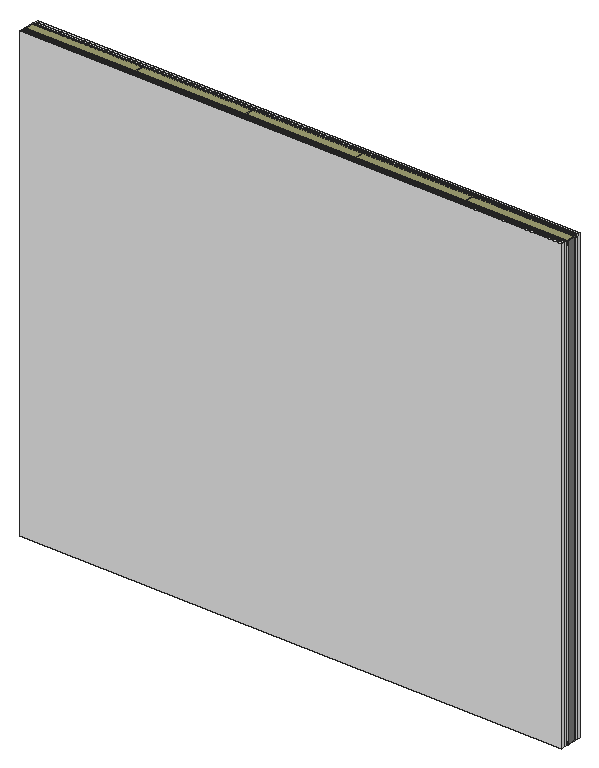
Revit family "Wall system Plasterboard - Rigislab (STC 60_Uvalue 0.48) - new", category Structural Stiffeners, Revit 2020
Family settings
  OmniClass Number = 23.25.30.11.27
  OmniClass Title = Vibration and Earthquake Controls
  Cut with Voids When Loaded = No
  Shared = No
Parameters (values of type "STC 45(Plasterboard)")
  U-Value (W/m2k) = "0.48"
  U Value Report = ""
  Type of Insulation = "Glass Mineral Wool Semi-rigid slab"
  Total System Thickness-mm = 102 mm
  Thermal R Value = 1.4
  Thermal K Value = 0.348
  System Description = "1. Gypsum Plasterboard-19mm\r\n2. Ecowool Rigislab 50mm x 20kg/m3\r\n3. Stud 64mm \r\n4. Gypsum Plasterboard-19mm"
  Sustainability - Same documentation for all selection = ""
  SubW [instance] = roundup([built-in parameter 1001306] / 609 mm) * 609 mm  # 3045 mm
  SubL [instance] = if([built-in parameter 1001306] > 1218 mm, No Insulation * 609 mm, if([built-in parameter 1001306] > 609 mm, 609 mm, if([built-in parameter 1001306] > 0 mm, 0 mm, No Insulation * 609 mm))) + 1 mm  # 2437 mm
  STC in dB = 60
  STC Report = ""
  STC No = "60"
  Remarks = "Recommended for drywall partition applications where some acoustic performance\r\nare required. Such as office & commercial environment"
  No Metal Stud [instance] = ([built-in parameter 1001306] / [Metal Stud Spacer (mm)])  # 5
  No Insulation [instance] = roundup(SubW / 609 mm) - 1  # 4
  Metal Stud Width = 64 mm
  Metal Stud Spacer (mm) = 609 mm
  Material Specification = "Ecowool Brownie RigiSlab"
  Manufacturer = "PGF Insulation Sdn. Bhd."
  MSDS = ""
  built-in parameter 1001306 [instance] = 3000 mm
  Insulation Length (mm) = 609 mm
  Insulation Thickness (mm) = 50 mm
  Installation and Workmanship- Same for all the system = ""
  Height Wall (mm) = 2500 mm
  Handling and Storage- Same for all system = ""
  Gypsum Thickness (mm) = 12 mm
  Finish = BROWNIE RigiSlab
  FAQ- Same for all System = ""
  ECOWOOL Product thickness in mm = "50"
  Description = "Ecowool Rigislab is semi-rigid or rigid slabs of non-combustible, water repellent, glass mineral wool. They are designed to suit standard dry wall, ensuring a closed joint with adjacent slabs."
  Density = 20.00 kg/m³
  Board Material = Plaster Board
  Board 2 = yes
  Board 1 = yes
  AutoCad Drawing = ""
Reference planes
  plane 1 "Center (Front/Back)": y = -12.5
  plane 2: z = 0
  plane 3 "Left": x = 0
  plane 4 "Right": x = 3000
  plane 5: z = 2500
  plane 6: x = 2437
  plane 7: x = 3046
Forms (mm)
  Extrusion 1, solid, material "BROWNIE RigiSlab" <- "Finish"
    sketch origin (0, 0, 0) x (1, 0, 0) y (0, 1, 0)
      loop
        line (2437, 12.5) -> (2437, -37.5) -> (3046, -37.5) -> (3046, 12.5) -> (2437, 12.5)
    from 0 to 2500
  Extrusion 2, void
    sketch origin (0, 0, 0) x (1, 0, 0) y (0, 1, 0)
      loop
        line (2999, 12.5) -> (2999, -37.5) -> (3046, -37.5) -> (3046, 12.5) -> (2999, 12.5)
    from -45.694 to 2779.923
Cuts and joins
  Extrusion 2 cuts Extrusion 1
Lines and regions (mm)
  reference lines
    curve 1: line (0, -12.5, 0) -> (3000, -12.5, 0)
Dimensions and locks
  "built-in parameter 1001306": plane 3 "Left" to plane 4 "Right"
  "Height Wall (mm)": plane 5 to level
  equal spacing: group 1, group 2, group 3, group 4, group 5  (x3)
  "Metal Stud Spacer (mm)": plane 3 "Left" to nested 2
  "SubL": plane 3 "Left" to plane 6
  locked: plane 6 to plane 7 at 609
  equal spacing: Extrusion 1 sketch curve, plane 1 "Center (Front/Back)", Extrusion 1 sketch curve
  "Insulation Thickness (mm)": Extrusion 1 sketch curve to Extrusion 1 sketch curve
  equal spacing: Extrusion 1, plane 1 "Center (Front/Back)", Extrusion 2 sketch curve
  "Insulation Thickness (mm)": Extrusion 2 sketch curve to Extrusion 2 sketch curve
  locked: Extrusion 2 sketch curve to plane 4 "Right" at 1
  plane 4 "Right" to plane 7 = 46 mm
  plane 6 to plane 4 "Right" = 563 mm
  equal spacing: group 6, group 7, group 8, group 9  (x3)
  Extrusion 2 sketch curve to Extrusion 2 sketch curve = 47 mm
  aligned and locked: plane 4 "Right" to curve 1
  aligned and locked: plane 1 "Center (Front/Back)" to curve 1
  aligned and locked: plane 3 "Left" to curve 1
  aligned and locked: plane 5 to nested 1
  aligned and locked: plane 3 "Left" to nested 5
  aligned and locked: nested 7 to plane 4 "Right"
  aligned and locked: plane 1 "Center (Front/Back)" to nested 1
  aligned and locked: plane 1 "Center (Front/Back)" to nested 5
  aligned and locked: nested 7 to plane 1 "Center (Front/Back)"
  aligned and locked: nested 1 to nested 9
  aligned and locked: plane 1 "Center (Front/Back)" to nested 9
  aligned and locked: plane 7 to Extrusion 1 sketch curve
  aligned and locked: Extrusion 1 sketch curve to plane 6
  aligned and locked: plane 5 to Extrusion 1
  aligned and locked: Extrusion 1 to level
Automatic sketch dimensions
  Extrusion 2 sketch curve to plane 7 = 0 mm
Nested families
  nested 1: "Metal Stud" at (0, -12.5, 0), type "Metal Stud"
    with Metal Stud Width 64 mm
  nested 2: "Metal Stud" at (609, -12.5, 0), type "Metal Stud"
    with Metal Stud Width 64 mm
  nested 3: "Metal Stud" at (1218, -12.5, 0), type "Metal Stud"
    with Metal Stud Width 64 mm
  nested 4: "Metal Stud" at (1827, -12.5, 0), type "Metal Stud"
    with Metal Stud Width 64 mm
  nested 5: "Metal Runner" at (0, -12.5, 0), type "Metal Runner"
    with Metal Runner Width 50 mm, Length Metal Runner 3000 mm
  nested 6: "Metal Runner" at (0, -12.5, 2500) x (1, 0, 0) z (0, 0, -1), type "Metal Runner"
    with Metal Runner Width 50 mm, Length Metal Runner 3000 mm
  nested 7: "Metal Stud" at (3000, -12.5, 0) x (-1, 0, 0) z (0, 0, 1), type "Metal Stud"
    with Metal Stud Width 64 mm
  nested 8: "Metal Stud" at (2436, -12.5, 0), type "Metal Stud"
    with Metal Stud Width 64 mm
  nested 9: "Insulation Brownie" at (1, -12.5, 0), type "Insulation Brownie"
    with Thickness Insulation 50 mm
  nested 10: "Insulation Brownie" at (610, -12.5, 0), type "Insulation Brownie"
    with Thickness Insulation 50 mm
  nested 11: "Insulation Brownie" at (1219, -12.5, 0), type "Insulation Brownie"
    with Thickness Insulation 50 mm
  nested 12: "Insulation Brownie" at (1828, -12.5, 0), type "Insulation Brownie"
    with Thickness Insulation 50 mm
  nested 13: "Gypsum Plasterboard" at (1, -12.5, 0), type "Gypsum Plasterboard"
    with built-in parameter 1001306 2999 mm
Definition of nested family "Metal Stud"
  Parameters (values of type "Metal Stud")
    Metal Stud Width = 50 mm
    Height = 2500 mm
  Reference planes
    plane 1 "Center (Front/Back)": y = 0
    plane 2: z = 0
    plane 3 "Center (Left/Right)": x = 0
    plane 4 "Center L/S": y = 25
    plane 5 "Center L/T": y = -25
    plane 6: z = 1
    plane 7: z = 2500
    plane 8: z = 2499
  Forms (mm)
    Extrusion 1, solid
      sketch origin (0, 0, 0) x (1, 0, 0) y (0, 1, 0)
        loop
          line (0, 25) -> (0, -25) -> (20, -25) -> (20, -24) -> (1, -24) -> (1, 24) -> (20, 24) -> (20, 25) -> (0, 25)
      from 1 to 2499
  Dimensions and locks
    Extrusion 1 sketch curve to Extrusion 1 sketch curve = 1 mm  (x3)
    locked: plane 8 to plane 7 at 1
    plane 1 "Center (Front/Back)" to Extrusion 1 = 25 mm
    "Height": plane 7 to level
    "Metal Stud Width": plane 5 "Center L/T" to plane 4 "Center L/S"
    equal spacing: plane 5 "Center L/T", plane 1 "Center (Front/Back)", plane 4 "Center L/S"
    locked: plane 6 to plane 2 at 1
    aligned and locked: plane 4 "Center L/S" to Extrusion 1
    aligned and locked: plane 5 "Center L/T" to Extrusion 1
    aligned and locked: plane 3 "Center (Left/Right)" to Extrusion 1
    aligned and locked: Extrusion 1 to plane 6
    aligned and locked: plane 8 to Extrusion 1
  Automatic sketch dimensions
    Extrusion 1 sketch curve to plane 3 "Center (Left/Right)" = 0 mm
    plane 4 "Center L/S" to Extrusion 1 sketch curve = 0 mm
    plane 5 "Center L/T" to Extrusion 1 sketch curve = 0 mm
    Extrusion 1 sketch curve to Extrusion 1 sketch curve = 19 mm  (x2)
Definition of nested family "Metal Runner"
  Parameters (values of type "Metal Runner")
    Metal Runner Width = 48 mm
    Length Metal Runner = 2460 mm
    Default Elevation = 1219.2 mm
  Reference planes
    plane 1 "Center (Front/Back)": y = 0
    plane 2: z = 0
    plane 3 "Center (Left/Right)": x = 0
    plane 4 "Center L/S": y = 24
    plane 5 "Center L/T": y = -24
  Forms (mm)
    Extrusion 1, solid
      sketch origin (0, 0, 0) x (0, 1, 0) y (0, 0, 1)
        loop
          line (24, 0) -> (24, 20) -> (23, 20) -> (23, 1) -> (-23, 1) -> (-23, 20) -> (-24, 20) -> (-24, 0) -> (24, 0)
      from 0 to 2460
  Dimensions and locks
    "Metal Runner Width": plane 5 "Center L/T" to plane 4 "Center L/S"
    equal spacing: plane 5 "Center L/T", plane 1 "Center (Front/Back)", plane 4 "Center L/S"
    Extrusion 1 sketch curve to Extrusion 1 sketch curve = 1 mm  (x3)
    "Length Metal Runner": Extrusion 1 to Extrusion 1
    aligned and locked: plane 4 "Center L/S" to Extrusion 1 sketch curve
    aligned and locked: Extrusion 1 sketch curve to level
    aligned and locked: plane 5 "Center L/T" to Extrusion 1 sketch curve
  Automatic sketch dimensions
    Extrusion 1 sketch curve to Extrusion 1 sketch curve = 19 mm  (x2)
Definition of nested family "Insulation Brownie"
  Parameters (values of type "Insulation Brownie")
    Thickness Insulation = 75 mm
    Length of Insulation = 609 mm
    Height of Insulation = 2500 mm
    Finish = none
  Reference planes
    plane 1 "Center (Front/Back)": y = 0
    plane 2: z = 0
    plane 3 "Center (Left/Right)": x = 0
    plane 4: z = 2500
    plane 5: y = 37.5
    plane 6: y = -37.5
  Forms (mm)
    Sweep 1, solid, material <- "Finish"
      path origin (0, 0, 0) x (1, 0, 0) y (0, 1, 0)
        loop
          line (0, 0) -> (609, 0)
      profile origin (304.5, 0, 0) x (0, 1, 0) y (0, 0, 1)
        loop
          line (37.5, 2500) -> (-37.5, 2500) -> (-37.5, 0) -> (37.5, 0) -> (37.5, 2500)
  Dimensions and locks
    "Length of Insulation": Sweep 1 sketch curve to Sweep 1 sketch curve
    "Height of Insulation": plane 4 to level
    equal spacing: plane 5, plane 1 "Center (Front/Back)", plane 6
    "Thickness Insulation": plane 5 to plane 6
    aligned and locked: plane 3 "Center (Left/Right)" to Sweep 1 sketch curve
    aligned and locked: plane 5 to Sweep 1 sketch curve
    aligned and locked: Sweep 1 sketch curve to plane 6
  Automatic sketch dimensions
    plane 1 "Center (Front/Back)" to Sweep 1 sketch curve = 0 mm
    Sweep 1 sketch curve to level = 0 mm
    Sweep 1 sketch curve to plane 4 = 0 mm
Definition of nested family "Gypsum Plasterboard"
  Parameters (values of type "Gypsum Plasterboard")
    Platerboard (inner Layer) = 12 mm
    Manufacturer = "Rockwool"
    built-in parameter 1001306 [instance] = 1200 mm
    Insulation Width = 50 mm
    Height Wall = 2500 mm
    Gypsum Thickness = 12 mm
    Description = "Double layers wall system - Rigislab 5020"
    Cement Board 2 = yes
    Cement Board 1 = yes
    Board Type = none
  Reference planes
    plane 1 "Center (Front/Back)": y = 0
    plane 2: z = 0
    plane 3 "Left": x = 0
    plane 4 "Right": x = 1200
    plane 5: y = 25
    plane 6: y = -25
    plane 7: z = 2500
  Forms (mm)
    Sweep 1, solid, material <- "Board Type", visible <- "Cement Board 1"
      path origin (0, 0, 0) x (1, 0, 0) y (0, -1, 0)
        loop
          line (0, 0) -> (1200, 0)
      profile origin (600, 0, 0) x (0, 1, 0) y (0, 0, 1)
        loop
          line (25, 2500) -> (25, 0) -> (37, 0) -> (37, 2500) -> (25, 2500)
    Sweep 2, solid, material <- "Board Type", visible <- "Cement Board 2"
      path origin (0, 16, 0) x (1, 0, 0) y (0, -1, 0)
        loop
          line (0, 0) -> (1200, 0)
      profile origin (600, 16, 0) x (0, 1, 0) y (0, 0, 1)
        loop
          line (21, 2500) -> (21, 0) -> (33, 0) -> (33, 2500) -> (21, 2500)
    Sweep 3, solid, material <- "Board Type", visible <- "Cement Board 1"
      path origin (0, 20.5, 0) x (1, 0, 0) y (0, 1, 0)
        loop
          line (0, 0) -> (1200, 0)
      profile origin (600, 20.5, 0) x (0, 1, 0) y (0, 0, 1)
        loop
          line (-45.5, 2500) -> (-57.5, 2500) -> (-57.5, 0) -> (-45.5, 0) -> (-45.5, 2500)
    Sweep 4, solid, material <- "Board Type", visible <- "Cement Board 2"
      path origin (0, 4.5, 0) x (1, 0, 0) y (0, 1, 0)
        loop
          line (0, 0) -> (1200, 0)
      profile origin (600, 4.5, 0) x (0, 1, 0) y (0, 0, 1)
        loop
          line (-41.5, 2500) -> (-53.5, 2500) -> (-53.5, 0) -> (-41.5, 0) -> (-41.5, 2500)
    Sweep 5, solid, material <- "Board Type", visible <- "Cement Board 2"
      path origin (0, 35, 0) x (1, 0, 0) y (0, -1, 0)
        loop
          line (0, 0) -> (1200, 0)
      profile origin (600, 35, 0) x (0, 1, 0) y (0, 0, 1)
        loop
          line (14, 2500) -> (14, 0) -> (26, 0) -> (26, 2500) -> (14, 2500)
    Sweep 6, solid, material <- "Board Type", visible <- "Cement Board 2"
      path origin (0, -14.5, 0) x (1, 0, 0) y (0, 1, 0)
        loop
          line (0, 0) -> (1200, 0)
      profile origin (600, -14.5, 0) x (0, 1, 0) y (0, 0, 1)
        loop
          line (-34.5, 2500) -> (-46.5, 2500) -> (-46.5, 0) -> (-34.5, 0) -> (-34.5, 2500)
  Lines and regions (mm)
    reference lines
      curve 1: line (0, 0, 0) -> (1200, 0, 0)
  Dimensions and locks
    "built-in parameter 1001306": plane 3 "Left" to plane 4 "Right"
    "Insulation Width": plane 6 to plane 5
    "Height Wall": level to plane 7
    "built-in parameter 1001306": Sweep 1 sketch curve to Sweep 1 sketch curve
    "Platerboard (inner Layer)": Sweep 1 sketch curve to Sweep 1 sketch curve
    "built-in parameter 1001306": Sweep 2 sketch curve to Sweep 2 sketch curve
    "Gypsum Thickness": Sweep 2 sketch curve to Sweep 2 sketch curve
    equal spacing: plane 6, plane 1 "Center (Front/Back)", plane 5
    "built-in parameter 1001306": Sweep 3 sketch curve to Sweep 3 sketch curve
    "Platerboard (inner Layer)": Sweep 3 sketch curve to Sweep 3 sketch curve
    "built-in parameter 1001306": Sweep 4 sketch curve to Sweep 4 sketch curve
    "Gypsum Thickness": Sweep 4 sketch curve to Sweep 4 sketch curve
    "built-in parameter 1001306": Sweep 5 sketch curve to Sweep 5 sketch curve
    "Gypsum Thickness": Sweep 5 sketch curve to Sweep 5 sketch curve
    "built-in parameter 1001306": Sweep 6 sketch curve to Sweep 6 sketch curve
    "Gypsum Thickness": Sweep 6 sketch curve to Sweep 6 sketch curve
    aligned and locked: plane 4 "Right" to curve 1
    aligned and locked: plane 1 "Center (Front/Back)" to curve 1
    aligned and locked: plane 3 "Left" to curve 1
    aligned and locked: plane 5 to Sweep 1
    aligned and locked: Sweep 2 to Sweep 2
    aligned and locked: Sweep 1 sketch curve to plane 7
    aligned and locked: Sweep 2 sketch curve to plane 7
    aligned and locked: Sweep 2 to Sweep 1
    aligned and locked: Sweep 4 to Sweep 4
    aligned and locked: Sweep 3 to Sweep 4
    aligned and locked: Sweep 5 to Sweep 5
    aligned and locked: Sweep 2 to Sweep 5
    aligned and locked: Sweep 6 to Sweep 6
    aligned and locked: Sweep 4 to Sweep 6
    aligned and locked: Sweep 3 to plane 6
  Automatic sketch dimensions
    plane 1 "Center (Front/Back)" to Sweep 1 sketch curve = 0 mm
    Sweep 1 sketch curve to plane 3 "Left" = 0 mm
    Sweep 1 sketch curve to level = 0 mm
    Sweep 1 sketch curve to profile plane = 25 mm
    Sweep 2 sketch curve to plane 3 "Left" = 0 mm
    Sweep 2 sketch curve to plane 5 = 9 mm
    Sweep 2 sketch curve to level = 0 mm
    Sweep 2 sketch curve to profile plane = 21 mm
    Sweep 3 sketch curve to plane 3 "Left" = 0 mm
    plane 5 to Sweep 3 sketch curve = 4.5 mm
    Sweep 3 sketch curve to level = 0 mm
    profile plane to Sweep 3 sketch curve = 57.5 mm
    level to Sweep 3 sketch curve = 2500 mm
    Sweep 4 sketch curve to plane 3 "Left" = 0 mm
    Sweep 4 sketch curve to plane 1 "Center (Front/Back)" = 4.5 mm
    Sweep 4 sketch curve to level = 0 mm
    profile plane to Sweep 4 sketch curve = 53.5 mm
    level to Sweep 4 sketch curve = 2500 mm
    Sweep 5 sketch curve to plane 3 "Left" = 0 mm
    plane 5 to Sweep 5 sketch curve = 10 mm
    Sweep 5 sketch curve to level = 0 mm
    Sweep 5 sketch curve to profile plane = 14 mm
    level to Sweep 5 sketch curve = 2500 mm
    Sweep 6 sketch curve to plane 3 "Left" = 0 mm
    Sweep 6 sketch curve to plane 6 = 10.5 mm
    Sweep 6 sketch curve to level = 0 mm
    profile plane to Sweep 6 sketch curve = 46.5 mm
    level to Sweep 6 sketch curve = 2500 mm
